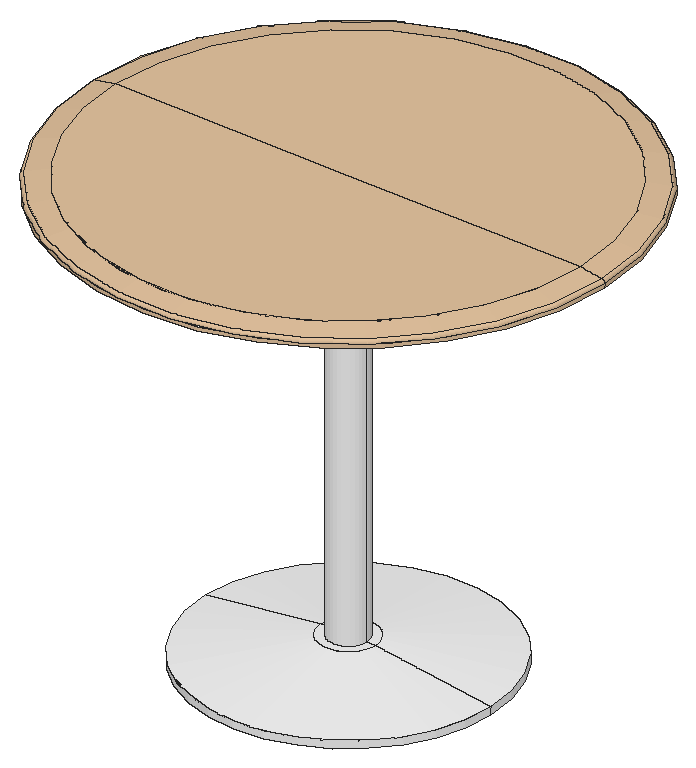
Revit family
Parameters (values of type "900mm Diameter")
  Keynote = "N"
  Material Base = Metal - Chrome
  Base Radius = 250.00 mm
  Height = 760.00 mm
  Radius = 450.00 mm
  Material Top = Wood - Birch
  Assembly Code = ""
Types (2, lengths in mm): name | Base Radius | Radius
  900mm Diameter | 250.00 | 450.00
  1220mm Diameter | 300.00 | 610.00
Reference planes
  plane 1 "Center (Front/Back)": y = 0
  plane 2: z = 0
  plane 3 "Center (Left/Right)": x = 0
  plane 4: z = 760
Forms (mm)
  Extrusion 1, solid, material "Metal - Chrome" <- "Material Base"
    sketch origin (0, 0, 38.1) x (1, 0, 0) y (0, 1, 0)
      loop
        circle (0, 0) r 31.75
    from 0 to 702.85
  Revolve 2, solid, material "Metal - Chrome" <- "Material Base"
    sketch origin (0, 0, 0) x (1, 0, 0) y (0, 0, 1)
      loop
        line (0, 0) -> (0, 38.1) -> (-47.625, 38.1) -> (-250, 12.7) -> (-250, 0) -> (0, 0)
      axis (0, 38.1) -> (0, 0)
    angle from 0 to 360
  Revolve 3, solid, material "Wood - Birch" <- "Material Top"
    sketch origin (0, 0, 0) x (1, 0, 0) y (0, 0, 1)
      loop
        line (0, 740.95) -> (0, 760) -> (-408.101, 760) -> (-444.753, 753.537)
        arc (-444.753, 753.537) -> (-448.514, 751.366) -> (-450, 747.284) r 6.35
        line (-450, 747.284) -> (-450, 740.95) -> (0, 740.95)
      axis (0, 760) -> (0, 740.95)
    angle from 0 to 360
Lines and regions (mm)
  Masking region 1
    outline origin (0, 0, 0) x (1, 0, 0) y (0, 1, 0)
      loop
        circle (0, 0) r 450
  symbolic lines
    curve 1: arc (0, 450, 0) -> (-450, 0, 0) -> (0, -450, 0) r 450
    curve 2: arc (0, 450, 0) -> (450, 0, 0) -> (0, -450, 0) r 450
    curve 3: arc (-408.101, 0, 0) -> (0, 408.101, 0) -> (408.101, 0, 0) r 408.101
    curve 4: arc (408.101, 0, 0) -> (0, -408.101, 0) -> (-408.101, 0, 0) r 408.101
    curve 5: arc (-31.75, 0, 0) -> (0, -31.75, 0) -> (31.75, 0, 0) r 31.75
    curve 6: arc (31.75, 0, 0) -> (0, 31.75, 0) -> (-31.75, 0, 0) r 31.75
Dimensions and locks
  "Height": plane 4 to plane 2
  "Base Radius": plane 3 "Center (Left/Right)" to Revolve 2 sketch curve
  "Radius": plane 3 "Center (Left/Right)" to Revolve 3 sketch curve
  "Radius": curve 2 to plane 1 "Center (Front/Back)"
  locked: plane 4 to Revolve 3 sketch curve at 19.05
  aligned and locked: Extrusion 1 to Revolve 3
  aligned and locked: Masking region 1 sketch curve to Revolve 3  (x2)
  aligned and locked: curve 3 to Revolve 3
  aligned and locked: curve 4 to Revolve 3
  aligned and locked: curve 5 to Extrusion 1
  aligned and locked: curve 6 to Extrusion 1
Automatic sketch dimensions
  Extrusion 1 sketch curve to plane 1 "Center (Front/Back)" = 0.00 mm
  Extrusion 1 sketch curve to plane 3 "Center (Left/Right)" = 0.00 mm
  Extrusion 1 sketch curve to plane 3 "Center (Left/Right)" = 31.75 mm
  Revolve 2 sketch curve to level = 0.00 mm
  Revolve 2 sketch curve to plane 3 "Center (Left/Right)" = 0.00 mm  (x2)
  Revolve 2 sketch curve to plane 3 "Center (Left/Right)" = 47.625 mm
  level to Revolve 2 sketch curve = 12.70 mm
  Revolve 2 sketch curve to level = 38.10 mm
  level to Revolve 2 sketch curve = 38.10 mm
  Revolve 2 sketch curve to Revolve 2 sketch curve = 177.80 mm
  Revolve 3 sketch curve to plane 4 = 0.00 mm
  Revolve 3 sketch curve to plane 3 "Center (Left/Right)" = 0.00 mm  (x2)
  plane 4 to Revolve 3 sketch curve = 12.716 mm
  Revolve 3 sketch curve to Revolve 3 sketch curve = 35.549 mm
  plane 4 to Revolve 3 sketch curve = 6.463 mm
  Revolve 3 sketch curve to Revolve 3 sketch curve = 1.103 mm
  Revolve 3 sketch curve to Revolve 3 sketch curve = 107.95 mm
  Revolve 3 sketch curve to plane 4 = 76.20 mm
  curve 2 to plane 3 "Center (Left/Right)" = 0.00 mm
  curve 1 to plane 1 "Center (Front/Back)" = 0.00 mm
